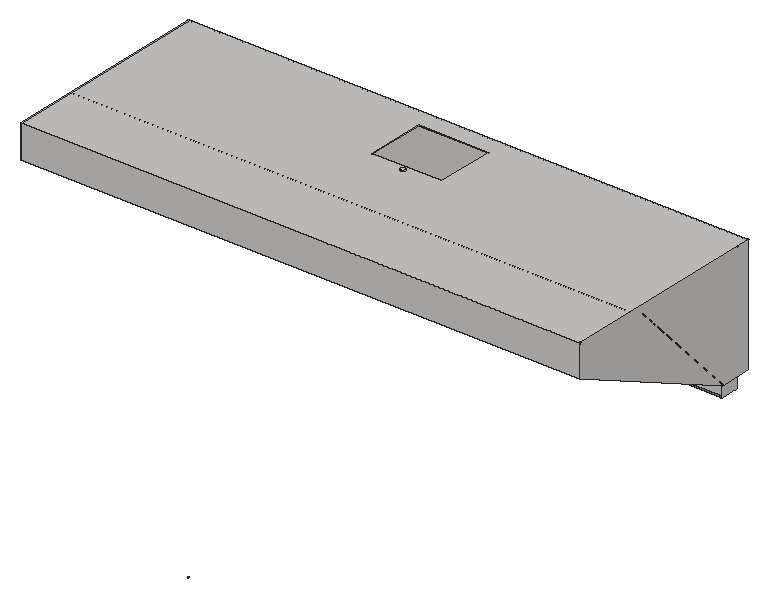
Revit family "QF_ELECTROLUXPROFESSIONAL_644186_AMPV924BT", category Attrezzature speciali, Revit 2021
Family settings
  Quota connettore circolare = Usa diametro
  Tipo di parte = Normale
  Basato su piano di lavoro = No
  Sempre verticale = Sì
  Taglio con vuoti quando caricato = No
  Condiviso = No
  Punto di calcolo locali = No
Parameters (values of type "Standard")
  Weight = 67.00 kg
  Watts = 420 W
  Volts = 220 V
  URL Manufacturer = "https://www.electroluxprofessional.com/"
  URL = "https://www.electroluxprofessional.com/"
  Steam Supply Size = 0 mm
  Steam Supply Minimum Pressure = 0.0 Pa
  Steam Supply Maximum Pressure = 0.0 Pa
  Steam Consumption per Hour = 0
  Refrigeration Suction Line Size = 0 mm
  Refrigeration Liquid Line Size = 0 mm
  Refrigerant Compressor Remote = yes
  Prospetto di default = 0 mm
  Produttore = "Electrolux Professional"
  Phase = 1
  Modello = "AMPV924BT"
  Length Actual = 2400 mm  # constant formula
  Item Number = "644186"
  Hot Water Size = 0 mm
  Height Actual = 500 mm  # constant formula
  HP = "0.6 HP"
  Gas Size = 0 mm
  Gas KW = 0
  Gas Input Pressure = 0 W
  Direct Waste Size = 0 mm
  Descrizione = "430 S/S WALL HOOD+FILTERS+FAN 2400X900MM"
  Depth Actual = 900 mm  # constant formula
  Cycle = 50 Hz
  Condensate Return Size = 0 mm
  Compressed Air Volume = 0.0 L/s
  Compressed Air Size = 0 mm
  Compressed Air Pressure = 0.0 Pa
  Cold Water Size = 0 mm
  Accessory = yes
Reference planes
  plane 1: z = 0
  plane 2 "Center (Left/Right)": x = 150
  plane 3 "LEFT": x = -1050
  plane 4 "RIGHT": x = 1350
  plane 5 "BACK": y = 550
  plane 6 "Plane": z = 2000
  plane 7 "TOP": z = 2140
  plane 8 "Base": z = 1640
  plane 9: z = 1566
  plane 10 "DrainY": y = 485
  plane 11: x = -1047
  plane 12: through (0, 414.509, 1640.8) normal (0, 0.7314, 0.682)
  plane 13: y = 470
  plane 14: y = 220
  plane 15 "DrainX": x = 1230
  plane 16: x = 300
  plane 17: x = 0
  plane 18: x = 1347
  plane 19: x = 1140
  plane 20: x = 1320
  plane 21: x = -1010
  plane 22: x = -645
  plane 23: x = -450
  plane 24: x = 1310
  plane 25: x = 945
  plane 26: x = 750
  plane 27: x = -47.5
  plane 28: x = 347.5
  plane 29 "Center (Front/Back)": y = 100
  plane 30 "Front": y = -350
  plane 31: y = 200
Forms (mm)
  Extrusion 1, solid, material "QF_Finishes_Stainless Steel"
    sketch origin (-1050, 0, 0) x (0, 1, 0) y (0, 0, 1)
      loop
        line (550, 1640) -> (550, 2140) -> (-350, 2140) -> (-350, 1999.112) -> (413.973, 1640) -> (550, 1640)
    from 0 to 3
  Extrusion 2, solid, material "QF_Finishes_Stainless Steel"
    sketch origin (150, 0, 0) x (0, 1, 0) y (0, 0, 1)
      loop
        line (415.255, 1640) -> (550, 1640) -> (550, 2139.19) -> (549.2, 2139.19) -> (549.2, 1640.8) -> (415.876, 1640.8) -> (339.347, 1722.867) -> (349.609, 1732.436) -> (348.927, 1733.167) -> (337.934, 1722.917) -> (415.255, 1640)
      loop
        line (-82.203, 2139.19) -> (-82.203, 2118.6) -> (-31.047, 2118.6) -> (34.354, 2048.466) -> (46.028, 2059.352) -> (45.346, 2060.083) -> (34.403, 2049.879) -> (-30.612, 2119.6) -> (-81.203, 2119.6) -> (-81.203, 2139.19) -> (-82.203, 2139.19)
    from -1197 to 1197
  Extrusion 3, solid, material "QF_Finishes_Stainless Steel"
    sketch origin (1350, 0, 0) x (0, 1, 0) y (0, 0, 1)
      loop
        line (550, 1640) -> (550, 2140) -> (-350, 2140) -> (-350, 1999.112) -> (413.973, 1640) -> (550, 1640)
    from 0 to -3
  Extrusion 4, solid, material "QF_Finishes_Stainless Steel"
    sketch origin (150, 0, 0) x (0, 1, 0) y (0, 0, 1)
      loop
        line (-350, 2140) -> (-350, 2000) -> (-349.2, 2000) -> (-349.2, 2139.19) -> (550, 2139.19) -> (550, 2140) -> (-350, 2140)
    from -1200 to 1200
  Extrusion 5, solid, material "QF_Finishes_Stainless Steel"
    sketch origin (150, 0, 0) x (0, 1, 0) y (0, 0, 1)
      loop
        line (534, 1640) -> (436, 1640) -> (436, 1627) -> (443.5, 1627) -> (443.5, 1576)
        arc (443.5, 1576) -> (446.429, 1568.929) -> (453.5, 1566) r 10
        line (453.5, 1566) -> (516.5, 1566)
        arc (516.5, 1566) -> (523.571, 1568.929) -> (526.5, 1576) r 10
        line (526.5, 1576) -> (526.5, 1627) -> (534, 1627) -> (534, 1640)
    from 990 to 1170
  Extrusion 6, solid, material "QF_Finishes_Stainless Steel"
    sketch origin (0, 0, 1640) x (0, 1, 0) y (-1, 0, 0)
      loop
        circle (485, -1230) r 20
    from -76 to -74
  Extrusion 7, solid, material "QF_Finished_Chrome"
    sketch origin (150, 0, 0) x (0, 1, 0) y (0, 0, 1)
      loop
        line (337.934, 1722.917) -> (341.591, 1726.327) -> (38.011, 2051.876) -> (34.354, 2048.466) -> (337.934, 1722.917)
    from -795 to -1160
  Extrusion 8, solid, material "QF_Finished_Chrome"
    sketch origin (150, 0, 0) x (0, 1, 0) y (0, 0, 1)
      loop
        line (337.934, 1722.917) -> (341.591, 1726.327) -> (38.011, 2051.876) -> (34.354, 2048.466) -> (337.934, 1722.917)
    from -197.5 to -600
  Extrusion 9, solid, material "QF_Finishes_Stainless Steel"
    sketch origin (150, 0, 0) x (0, 1, 0) y (0, 0, 1)
      loop
        line (337.934, 1722.917) -> (341.591, 1726.327) -> (38.011, 2051.876) -> (34.354, 2048.466) -> (337.934, 1722.917)
    from 1197 to 1160
  Extrusion 10, solid, material "QF_Finishes_Stainless Steel"
    sketch origin (150, 0, 0) x (0, 1, 0) y (0, 0, 1)
      loop
        line (341.588, 1726.324) -> (38.009, 2051.874) -> (34.354, 2048.466) -> (337.934, 1722.917) -> (341.588, 1726.324)
    from -795 to -600
  Extrusion 11, solid, material "QF_Finished_Chrome"
    sketch origin (150, 0, 0) x (0, 1, 0) y (0, 0, 1)
      loop
        line (341.588, 1726.324) -> (38.009, 2051.874) -> (34.354, 2048.466) -> (337.934, 1722.917) -> (341.588, 1726.324)
    from 795 to 1160
  Extrusion 12, void
    sketch origin (0, 0, 2140) x (0, 1, 0) y (-1, 0, 0)
      loop
        line (470, 0) -> (220, 0) -> (220, -300) -> (470, -300) -> (470, 0)
    from 0 to -10
  Extrusion 13, solid, material "QF_Finishes_Stainless Steel"
    sketch origin (0, 0, 0) x (1, 0, 0) y (0, 1, 0)
      loop
        line (-1050, 550) -> (-1050, 549) -> (-1049, 549) -> (-1049, 550) -> (-1050, 550)
    from 0 to 1
  Extrusion 14, solid, material "QF_Finishes_Stainless Steel"
    sketch origin (150, 0, 0) x (0, 1, 0) y (0, 0, 1)
      loop
        line (337.934, 1722.917) -> (341.591, 1726.327) -> (38.011, 2051.876) -> (34.354, 2048.466) -> (337.934, 1722.917)
    from -1160 to -1197
  Extrusion 15, solid, material "QF_Finishes_Stainless Steel"
    sketch origin (150, 0, 0) x (0, 1, 0) y (0, 0, -1)
      loop
        line (341.588, -1726.324) -> (337.934, -1722.917) -> (34.354, -2048.466) -> (38.009, -2051.874) -> (341.588, -1726.324)
    from -795 to -600
  Extrusion 16, solid, material "QF_Finished_Chrome"
    sketch origin (150, 0, 0) x (0, 1, 0) y (0, 0, 1)
      loop
        line (337.934, 1722.917) -> (341.591, 1726.327) -> (38.011, 2051.876) -> (34.354, 2048.466) -> (337.934, 1722.917)
    from 600 to 197.5
  Extrusion 17, solid, material "QF_Finishes_Stainless Steel"
    sketch origin (150, 0, 0) x (0, 1, 0) y (0, 0, -1)
      loop
        line (341.588, -1726.324) -> (337.934, -1722.917) -> (34.354, -2048.466) -> (38.009, -2051.874) -> (341.588, -1726.324)
    from -197.5 to 197.5
  Extrusion 18, solid, material "QF_Finishes_Stainless Steel"
    sketch origin (0, 0, 2140) x (0, 1, 0) y (-1, 0, 0)
      loop
        circle (200, -150) r 10
    from 0 to 1.6
Cuts and joins
  Extrusion 12 cuts Extrusion 4
  joined: Extrusion 2, Extrusion 4
Lines and regions (mm)
  reference lines
    curve 1: line (150, 34.354, 2048.466) -> (150, 34.354, 1888.466)
  symbolic lines, style "SpecialityEquipment", detail levels coarse
    curve 2: line (1350, 550, 2140) -> (-1050, 550, 2140)
    curve 3: line (-1050, 550, 2140) -> (-1050, -350, 2140)
    curve 4: line (1350, -350, 2140) -> (1350, 550, 2140)
    curve 5: line (-1050, -350, 2140) -> (1350, -350, 2140)
    curve 6: line (0, 220, 2140) -> (300, 220, 2140)
    curve 7: line (0, 470, 2140) -> (0, 220, 2140)
    curve 8: line (300, 470, 2140) -> (0, 470, 2140)
    curve 9: line (300, 220, 2140) -> (300, 470, 2140)
    curve 10: line (-1050, 550, 0) -> (1350, -350, 0)
    curve 11: line (1350, 550, 0) -> (-1050, -350, 0)
Dimensions and locks
  plane 3 "LEFT" to plane 4 "RIGHT" = 2400 mm
  equal spacing: plane 3 "LEFT", plane 2 "Center (Left/Right)", plane 4 "RIGHT"
  locked: plane 6 "Plane" to level at 2000
  plane 7 "TOP" to plane 6 "Plane" = 140 mm
  locked: plane 7 "TOP" to plane 8 "Base" at 500
  plane 8 "Base" to plane 9 = 74 mm
  plane 5 "BACK" to plane 10 "DrainY" = 65 mm  (x2)
  plane 3 "LEFT" to plane 11 = 3 mm
  plane 5 "BACK" to plane 13 = 80 mm
  plane 13 to plane 14 = 250 mm  (x2)
  plane 15 "DrainX" to plane 4 "RIGHT" = 120 mm
  plane 18 to plane 4 "RIGHT" = 3 mm
  locked: plane 19 to plane 15 "DrainX" at 90
  locked: plane 15 "DrainX" to plane 20 at 90
  plane 13 to plane 5 "BACK" = 80 mm
  locked: plane 3 "LEFT" to plane 21 at 40
  locked: plane 21 to plane 22 at 365
  locked: plane 22 to plane 23 at 195
  locked: plane 24 to plane 25 at 365
  locked: plane 25 to plane 26 at 195
  locked: plane 24 to plane 4 "RIGHT" at 40
  locked: plane 27 to plane 28 at 395
  equal spacing: plane 27, plane 2 "Center (Left/Right)", plane 28
  locked: plane 17 to plane 16 at 300
  equal spacing: plane 17, plane 2 "Center (Left/Right)", plane 16
  plane 23 to plane 27 = 402.5 mm
  plane 28 to plane 26 = 402.5 mm
  locked: plane 5 "BACK" to plane 30 "Front" at 900
  equal spacing: plane 5 "BACK", plane 29 "Center (Front/Back)", plane 30 "Front"
  plane 5 "BACK" to plane 30 "Front" = 900 mm
  plane 14 to plane 31 = 20 mm
  aligned and locked: level to plane 1
  aligned and locked: Extrusion 2 to Extrusion 1
  aligned and locked: Extrusion 2 to Extrusion 3
  aligned and locked: plane 4 "RIGHT" to Extrusion 4
  aligned and locked: Extrusion 4 to plane 3 "LEFT"
  aligned and locked: plane 18 to Extrusion 9
  aligned and locked: plane 17 to Extrusion 12
  aligned and locked: Extrusion 12 to plane 16
  aligned and locked: Extrusion 12 to plane 14
  aligned and locked: Extrusion 12 to plane 13
  aligned and locked: Extrusion 2 to Extrusion 4
  aligned and locked: plane 20 to Extrusion 5
  aligned and locked: Extrusion 5 to plane 19
  aligned and locked: Extrusion 9 to plane 24
  aligned and locked: Extrusion 11 to plane 24
  aligned and locked: Extrusion 11 to plane 25
  aligned and locked: Extrusion 8 to plane 23
  aligned and locked: plane 23 to Extrusion 10
  aligned and locked: Extrusion 10 to plane 22
  aligned and locked: plane 22 to Extrusion 7
  aligned and locked: Extrusion 7 to plane 21
  aligned and locked: Extrusion 14 to plane 11
  aligned and locked: plane 21 to Extrusion 14
  aligned and locked: Extrusion 15 to plane 26
  aligned and locked: Extrusion 15 to plane 25
  aligned and locked: Extrusion 3 to plane 18
  aligned and locked: plane 27 to Extrusion 8
  aligned and locked: Extrusion 16 to plane 26
  aligned and locked: Extrusion 16 to plane 28
  aligned and locked: plane 28 to Extrusion 17
  aligned and locked: Extrusion 17 to plane 27
Automatic sketch dimensions
  curve 5 to plane 3 "LEFT" = 0 mm
  curve 9 to plane 14 = 0 mm
  plane 13 to curve 8 = 0 mm
  curve 3 to plane 5 "BACK" = 0 mm
  curve 5 to plane 4 "RIGHT" = 0 mm
  curve 6 to plane 16 = 0 mm
  curve 6 to plane 17 = 0 mm
  Extrusion 2 sketch curve to plane 12 = 0 mm  (x3)
  Extrusion 2 sketch curve to plane 8 "Base" = 0 mm
  plane 12 to Extrusion 2 sketch curve = 0 mm
  Extrusion 2 sketch curve to plane 5 "BACK" = 0 mm
  Extrusion 2 sketch curve to Extrusion 2 sketch curve = 65.646 mm
  Extrusion 2 sketch curve to Extrusion 2 sketch curve = 0.682 mm  (x2)
  Extrusion 2 sketch curve to Extrusion 2 sketch curve = 10.261 mm
  plane 8 "Base" to Extrusion 2 sketch curve = 82.917 mm
  Extrusion 2 sketch curve to Extrusion 2 sketch curve = 10.942 mm
  Extrusion 2 sketch curve to Extrusion 2 sketch curve = 0.049 mm
  Extrusion 2 sketch curve to plane 7 "TOP" = 20.4 mm
  Extrusion 2 sketch curve to plane 7 "TOP" = 21.4 mm
  Extrusion 2 sketch curve to plane 7 "TOP" = 0.81 mm  (x2)
  Extrusion 2 sketch curve to Extrusion 2 sketch curve = 50.156 mm
  Extrusion 2 sketch curve to Extrusion 2 sketch curve = 1 mm
  plane 8 "Base" to Extrusion 2 sketch curve = 0.8 mm
  Extrusion 2 sketch curve to plane 5 "BACK" = 0.8 mm
  Extrusion 3 sketch curve to plane 8 "Base" = 0 mm
  Extrusion 3 sketch curve to plane 5 "BACK" = 0 mm
  Extrusion 3 sketch curve to plane 7 "TOP" = 0 mm
  plane 13 to Extrusion 3 sketch curve = 56.027 mm
  Extrusion 4 sketch curve to plane 6 "Plane" = 0 mm
  Extrusion 4 sketch curve to plane 5 "BACK" = 0 mm
  Extrusion 4 sketch curve to plane 7 "TOP" = 0 mm
  Extrusion 4 sketch curve to plane 7 "TOP" = 0.81 mm
  curve 1 to plane 12 = 0 mm
  curve 1 to plane 6 "Plane" = 111.534 mm
  Extrusion 5 sketch curve to plane 8 "Base" = 0 mm
  Extrusion 5 sketch curve to plane 9 = 0 mm
  Extrusion 5 sketch curve to plane 8 "Base" = 13 mm  (x2)
  plane 13 to Extrusion 5 sketch curve = 34 mm
  Extrusion 5 sketch curve to Extrusion 5 sketch curve = 7.5 mm  (x2)
  Extrusion 5 sketch curve to Extrusion 5 sketch curve = 10 mm
  plane 10 "DrainY" to Extrusion 5 sketch curve = 31.5 mm
  Extrusion 5 sketch curve to plane 5 "BACK" = 23.5 mm
  Extrusion 6 sketch curve to plane 10 "DrainY" = 0 mm
  Extrusion 6 sketch curve to plane 15 "DrainX" = 0 mm
  Extrusion 7 sketch curve to plane 12 = 0 mm  (x2)
  Extrusion 7 sketch curve to Extrusion 7 sketch curve = 3.657 mm
  plane 8 "Base" to Extrusion 7 sketch curve = 82.917 mm
  Extrusion 8 sketch curve to plane 12 = 0 mm  (x2)
  Extrusion 8 sketch curve to Extrusion 8 sketch curve = 3.657 mm
  plane 8 "Base" to Extrusion 8 sketch curve = 82.917 mm
  Extrusion 9 sketch curve to plane 12 = 0 mm  (x2)
  Extrusion 9 sketch curve to Extrusion 9 sketch curve = 3.657 mm
  plane 8 "Base" to Extrusion 9 sketch curve = 82.917 mm
  Extrusion 10 sketch curve to plane 12 = 0 mm  (x2)
  Extrusion 10 sketch curve to Extrusion 10 sketch curve = 3.655 mm
  plane 8 "Base" to Extrusion 10 sketch curve = 82.917 mm
  Extrusion 11 sketch curve to plane 12 = 0 mm  (x2)
  Extrusion 11 sketch curve to Extrusion 11 sketch curve = 3.655 mm
  plane 8 "Base" to Extrusion 11 sketch curve = 82.917 mm
  Extrusion 12 sketch curve to plane 14 = 0 mm
  plane 13 to Extrusion 12 sketch curve = 0 mm
  Extrusion 12 sketch curve to plane 16 = 0 mm
  Extrusion 12 sketch curve to plane 17 = 0 mm
  Extrusion 13 sketch curve to plane 3 "LEFT" = 0 mm
  Extrusion 13 sketch curve to plane 5 "BACK" = 0 mm
  plane 3 "LEFT" to Extrusion 13 sketch curve = 1 mm
  Extrusion 13 sketch curve to Extrusion 13 sketch curve = 1 mm
  Extrusion 14 sketch curve to plane 12 = 0 mm  (x2)
  Extrusion 14 sketch curve to Extrusion 14 sketch curve = 3.657 mm
  plane 8 "Base" to Extrusion 14 sketch curve = 82.917 mm
  Extrusion 15 sketch curve to plane 12 = 0 mm  (x2)
  Extrusion 15 sketch curve to Extrusion 15 sketch curve = 3.655 mm
  plane 8 "Base" to Extrusion 15 sketch curve = 82.917 mm
  Extrusion 16 sketch curve to plane 12 = 0 mm  (x2)
  Extrusion 16 sketch curve to Extrusion 16 sketch curve = 3.657 mm
  plane 8 "Base" to Extrusion 16 sketch curve = 82.917 mm
  Extrusion 17 sketch curve to plane 12 = 0 mm  (x2)
  Extrusion 17 sketch curve to Extrusion 17 sketch curve = 3.655 mm
  plane 8 "Base" to Extrusion 17 sketch curve = 82.917 mm
  Extrusion 4 sketch curve to Extrusion 4 sketch curve = 0.8 mm
  curve 5 to plane 14 = 570 mm
  plane 6 "Plane" to Extrusion 2 sketch curve = 48.466 mm
  Extrusion 4 sketch curve to plane 14 = 569.2 mm
  curve 1 to plane 14 = 185.646 mm
  plane 6 "Plane" to Extrusion 7 sketch curve = 51.876 mm
  plane 6 "Plane" to Extrusion 8 sketch curve = 51.876 mm
  plane 6 "Plane" to Extrusion 9 sketch curve = 51.876 mm
  plane 6 "Plane" to Extrusion 10 sketch curve = 51.874 mm
  plane 6 "Plane" to Extrusion 11 sketch curve = 51.874 mm
  plane 6 "Plane" to Extrusion 14 sketch curve = 51.876 mm
  plane 6 "Plane" to Extrusion 15 sketch curve = 51.874 mm
  plane 6 "Plane" to Extrusion 16 sketch curve = 51.876 mm
  plane 6 "Plane" to Extrusion 17 sketch curve = 51.874 mm
  Extrusion 1 sketch curve to plane 30 "Front" = 0 mm
  Extrusion 1 sketch curve to plane 8 "Base" = 0 mm
  Extrusion 1 sketch curve to plane 5 "BACK" = 0 mm
  Extrusion 1 sketch curve to plane 7 "TOP" = 0 mm
  plane 13 to Extrusion 1 sketch curve = 56.027 mm
  Extrusion 1 sketch curve to plane 6 "Plane" = 0.888 mm
  Extrusion 3 sketch curve to plane 30 "Front" = 0 mm
  Extrusion 3 sketch curve to plane 6 "Plane" = 0.888 mm
  curve 11 to plane 3 "LEFT" = 0 mm
  curve 10 to plane 3 "LEFT" = 0 mm
  curve 11 to plane 4 "RIGHT" = 0 mm
  curve 10 to plane 4 "RIGHT" = 0 mm
  curve 10 to plane 30 "Front" = 0 mm
  curve 11 to plane 30 "Front" = 0 mm
  curve 11 to plane 5 "BACK" = 0 mm
  curve 10 to plane 5 "BACK" = 0 mm
  Extrusion 18 sketch curve to plane 2 "Center (Left/Right)" = 0 mm
  Extrusion 18 sketch curve to plane 31 = 0 mm
  radius of Extrusion 6 sketch curve = 20 mm
  radius of Extrusion 18 sketch curve = 10 mm
Connectors
  piping at (1230, 485, 1564), diameter 20
    settings: on Extrusion 6, index 1, connector inside diameter 609.6 mm, connector length 0 mm, flow factor 0, pipe flow 0.0 L/s, pressure drop 0.0 Pa, fitting loss kfactor 0, connector angle 0.00°, fixture units 0, engagement length 0 mm, angle of deflection 0.00°, flow configuration 1, flow direction 2, fitting loss method 0, system type 16, joint type 0, gender type 0, connector reference index -1, connector utility 0, adjustable connector no, is connector primary yes, connector description "Drain"
  hvac at (150, 345, 2140)
    settings: on Extrusion 12, index 2, duct flow 0.0 L/s, flow factor 0, pres drop 0.0 Pa, loss coef 0, conn angle 0.00°, conn width 250 mm, conn height 300 mm, conn diameter 609.6 mm, duct sys type 3, conn prof type 1, flow config 1, flow direction 0, loss method 0, conn ref index -1, conn util no, is conn primary yes, conn desc "EXHAUST OUTLET"
  electrical at (150, 200, 2140), driven by "Volts"
    settings: on Extrusion 18, index 3, voltage 220 V, apparent load 0 VA, apparent load phase1 0 VA, apparent load phase2 0 VA, apparent load phase3 0 VA, power factor 1, load classification "Other", number of poles 1, system type 30, power factor state 1, is connector primary yes, connector utility no, sub classification motor no, connector description "Electrical Connection"
